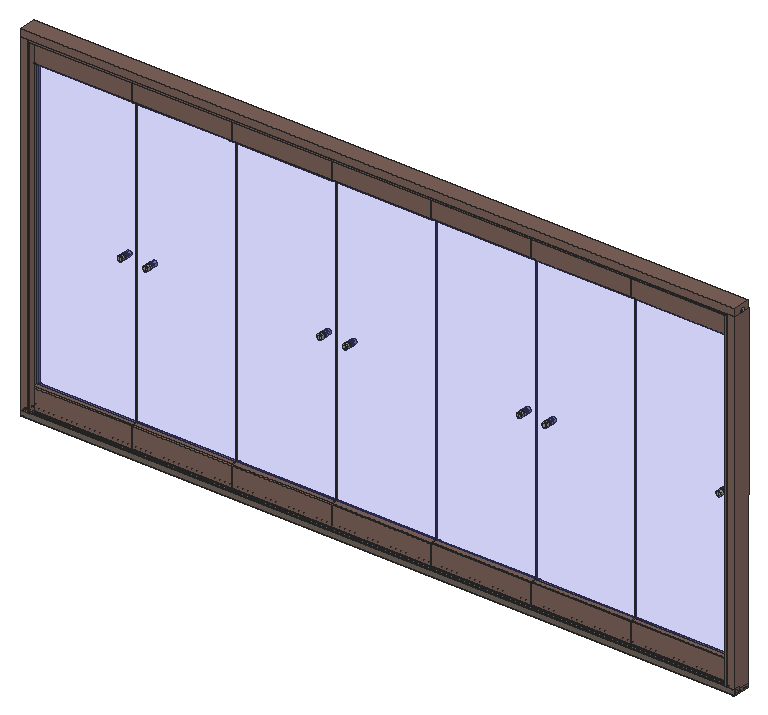
Revit family "FL7L LH", category Doors, host Wall, Revit 2015
Parameters (values of type "FL7L LH")
  Function = Interior
  Frame Projection Ext. = 25 mm
  Frame Projection Int. = 25 mm
  Frame Width = 75 mm
  Height = 2100 mm
  Wall Closure = By host
  Width = 4322 mm
Reference planes
  plane 1: y = 0
  plane 2 "Center (Left/Right)": x = 0
  plane 3 "Left": x = -2161
  plane 4 "Right": x = 2161
  plane 5: z = 2100
  plane 6 "Exterior": y = 75
  plane 7 "Interior": y = -75
  plane 8: x = -2116
  plane 9: x = 2116
  plane 10: x = -2112
  plane 11: x = -1512
  plane 12: x = -1508
  plane 13: x = -908
  plane 14: x = -904
  plane 15: x = -304
  plane 16: x = -300
  plane 17: x = 300
  plane 18: x = 304
  plane 19: x = 904
  plane 20: x = 908
  plane 21: x = 1508
  plane 22: x = 1512
  plane 23: x = 2112
Forms (mm)
  Extrusion 1, solid, material "Aluminium Cill (Bronze)"
    sketch origin (0, 79.18, -119.746) x (0, 1, 0) y (0, 0, 1)
      loop
        line (-26.68, 120.746) -> (-26.68, 135.746)
        arc (-26.68, 135.746) -> (-27.558, 137.867) -> (-29.68, 138.746) r 3
        line (-29.68, 138.746) -> (-40.947, 138.746)
        arc (-40.947, 138.746) -> (-42.68, 137.746) -> (-44.412, 138.746) r 2
        line (-44.412, 138.746) -> (-48.947, 138.746)
        arc (-48.947, 138.746) -> (-50.68, 137.746) -> (-52.412, 138.746) r 2
        line (-52.412, 138.746) -> (-56.947, 138.746)
        arc (-56.947, 138.746) -> (-58.68, 137.746) -> (-60.412, 138.746) r 2
        line (-60.412, 138.746) -> (-67.18, 138.746) -> (-67.18, 135.246)
        arc (-67.18, 135.246) -> (-67.619, 134.185) -> (-68.68, 133.746) r 1.5
        line (-68.68, 133.746) -> (-73.43, 133.746) -> (-73.43, 135.746) -> (-71.996, 135.746)
        arc (-71.996, 135.746) -> (-74.68, 138.746) -> (-77.363, 135.746) r 2.7
        line (-77.363, 135.746) -> (-75.93, 135.746) -> (-75.93, 133.746) -> (-80.68, 133.746)
        arc (-80.68, 133.746) -> (-81.74, 134.185) -> (-82.18, 135.246) r 1.5
        line (-82.18, 135.246) -> (-82.18, 138.746) -> (-90.432, 138.746) -> (-98.68, 138.746) -> (-98.68, 143.746)
        arc (-98.68, 143.746) -> (-99.18, 144.246) -> (-99.68, 143.746) r 0.5
        line (-99.68, 143.746) -> (-99.68, 142.734) -> (-100.88, 142.734) -> (-100.88, 150.246) -> (-99.68, 150.246) -> (-99.68, 149.246)
        arc (-99.68, 149.246) -> (-99.18, 148.746) -> (-98.68, 149.246) r 0.5
        line (-98.68, 149.246) -> (-98.68, 150.746)
        arc (-98.68, 150.746) -> (-98.972, 151.453) -> (-99.68, 151.746) r 1
        line (-99.68, 151.746) -> (-109.447, 151.746)
        arc (-109.447, 151.746) -> (-111.18, 150.746) -> (-112.912, 151.746) r 2
        line (-112.912, 151.746) -> (-117.447, 151.746)
        arc (-117.447, 151.746) -> (-119.18, 150.746) -> (-120.912, 151.746) r 2
        line (-120.912, 151.746) -> (-130.68, 151.746)
        arc (-130.68, 151.746) -> (-131.387, 151.453) -> (-131.68, 150.746) r 1
        line (-131.68, 150.746) -> (-131.68, 120.746)
        arc (-131.68, 120.746) -> (-131.387, 120.039) -> (-130.68, 119.746) r 1
        line (-130.68, 119.746) -> (-27.68, 119.746)
        arc (-27.68, 119.746) -> (-26.972, 120.039) -> (-26.68, 120.746) r 1
      loop
        line (-29.68, 137.246) -> (-40.23, 137.246)
        arc (-40.23, 137.246) -> (-42.68, 136.246) -> (-45.129, 137.246) r 3.5
        line (-45.129, 137.246) -> (-48.23, 137.246)
        arc (-48.23, 137.246) -> (-50.68, 136.246) -> (-53.129, 137.246) r 3.5
        line (-53.129, 137.246) -> (-56.23, 137.246)
        arc (-56.23, 137.246) -> (-58.68, 136.246) -> (-61.129, 137.246) r 3.5
        line (-61.129, 137.246) -> (-65.68, 137.246) -> (-65.68, 135.246)
        arc (-65.68, 135.246) -> (-66.558, 133.125) -> (-68.68, 132.246) r 3
        line (-68.68, 132.246) -> (-73.93, 132.246) -> (-73.93, 121.246) -> (-28.18, 121.246) -> (-28.18, 135.746)
        arc (-28.18, 135.746) -> (-28.619, 136.807) -> (-29.68, 137.246) r 1.5
      loop
        line (-75.43, 132.246) -> (-80.68, 132.246)
        arc (-80.68, 132.246) -> (-82.801, 133.125) -> (-83.68, 135.246) r 3
        line (-83.68, 135.246) -> (-83.68, 137.246) -> (-98.68, 137.246) -> (-98.68, 121.246) -> (-75.43, 121.246) -> (-75.43, 132.246)
      loop
        line (-100.18, 121.246) -> (-100.18, 141.246) -> (-102.38, 141.246) -> (-102.38, 150.246) -> (-108.73, 150.246)
        arc (-108.73, 150.246) -> (-111.18, 149.246) -> (-113.629, 150.246) r 3.5
        line (-113.629, 150.246) -> (-116.73, 150.246)
        arc (-116.73, 150.246) -> (-119.18, 149.246) -> (-121.629, 150.246) r 3.5
        line (-121.629, 150.246) -> (-130.18, 150.246) -> (-130.18, 121.246) -> (-100.18, 121.246)
    from -2161 to 2161
  Extrusion 2, solid, material "Meranti (Frameless)"
    sketch origin (0, 0, 0) x (0, 1, 0) y (0, 0, 1)
      loop
        line (52.5, 2100) -> (-52.5, 2100) -> (-52.5, 2055) -> (-6.5, 2055) -> (-6.5, 2075) -> (15.5, 2075) -> (15.5, 2055) -> (52.5, 2055) -> (52.5, 2100)
    from -2161 to 2161
  Extrusion 3, solid, material "Meranti (Frameless)"
    sketch origin (0, 0, 0) x (1, 0, 0) y (0, 1, 0)
      loop
        line (-2161, 52.5) -> (-2161, -52.5) -> (-2116, -52.5) -> (-2116, 24.5) -> (-2128, 24.5) -> (-2128, 52.5) -> (-2161, 52.5)
      loop
        line (2161, 52.5) -> (2128, 52.5) -> (2128, 24.5) -> (2116, 24.5) -> (2116, -52.5) -> (2161, -52.5) -> (2161, 52.5)
    from 32 to 2055
  Extrusion 4, solid, material "Meranti (Frameless)"
    sketch origin (0, 0, 0) x (1, 0, 0) y (0, 1, 0)
      loop
        line (-2161, 52.5) -> (-2161, -19.5) -> (-2116, -19.5) -> (-2116, 24.5) -> (-2128, 24.5) -> (-2128, 52.5) -> (-2161, 52.5)
      loop
        line (2161, 52.5) -> (2128, 52.5) -> (2128, 24.5) -> (2116, 24.5) -> (2116, -19.5) -> (2161, -19.5) -> (2161, 52.5)
    from 19 to 32
  Extrusion 5, solid, material "Meranti (Frameless)"
    sketch origin (0, 0, 0) x (0, 1, 0) y (0, 0, 1)
      loop
        line (-52.5, 2052) -> (-52.5, 2042) -> (-26.5, 2042) -> (-26.5, 2045.5) -> (-33.5, 2045.5) -> (-33.5, 2048.5) -> (-26.5, 2048.5) -> (-26.5, 2055) -> (-49.5, 2055) -> (-49.5, 2052) -> (-52.5, 2052)
    from -2116 to 2116
  Extrusion 6, solid, material "Meranti (Frameless)"
    sketch origin (0, 0, 0) x (1, 0, 0) y (0, 1, 0)
      loop
        line (-2113, -52.5) -> (-2103, -52.5) -> (-2103, -26.5) -> (-2106.5, -26.5) -> (-2106.5, -33.5) -> (-2109.5, -33.5) -> (-2109.5, -26.5) -> (-2116, -26.5) -> (-2116, -49.5) -> (-2113, -49.5) -> (-2113, -52.5)
      loop
        line (2113, -52.5) -> (2113, -49.5) -> (2116, -49.5) -> (2116, -26.5) -> (2109.5, -26.5) -> (2109.5, -33.5) -> (2106.5, -33.5) -> (2106.5, -26.5) -> (2103, -26.5) -> (2103, -52.5) -> (2113, -52.5)
    from 32 to 2042
  Extrusion 7, solid, material "Steel, Chrome Plated"
    sketch origin (667.231, -1.5, 0) x (0, 1, 0) y (0, 0, 1)
      loop
        line (16.5, 2075) -> (-4.5, 2075) -> (-4.5, 2055) -> (-2.3, 2055) -> (-2.3, 2072.8) -> (14.3, 2072.8) -> (14.3, 2055) -> (16.5, 2055) -> (16.5, 2075)
    from -2828.231 to 1493.769
  Extrusion 8, solid, material "Meranti (Frameless)"
    sketch origin (1202, 0, 0) x (0, 1, 0) y (0, 0, 1)
      loop
        line (24.5, 24) -> (24.5, 112) -> (13, 112) -> (13, 162) -> (-15.5, 162) -> (-20.5, 157) -> (-20.5, 37) -> (-15.5, 37) -> (-15.5, 24) -> (24.5, 24)
      loop
        line (24.5, 2050) -> (-20.5, 2050) -> (-20.5, 1917) -> (-15.5, 1912) -> (13, 1912) -> (13, 1962) -> (24.5, 1962) -> (24.5, 2050)
    from 310 to 910
  Extrusion 9, solid, material "Glass"
    sketch origin (1675.601, -93.1, -804.253) x (1, 0, 0) y (0, 0, 1)
      loop
        line (-163.601, 2766.253) -> (-163.601, 916.253) -> (436.399, 916.253) -> (436.399, 2766.253) -> (-163.601, 2766.253)
    from -116.1 to -106.1
  Extrusion 10, solid, material "Rubber, Black"
    sketch origin (1204.5, 0, 0) x (0, 1, 0) y (0, 0, 1)
      loop
        line (24.5, 112) -> (24.5, 162) -> (23, 162) -> (23, 112) -> (24.5, 112)
      loop
        line (24.5, 1912) -> (24.5, 1962) -> (23, 1962) -> (23, 1912) -> (24.5, 1912)
    from 307.5 to 907.5
  Revolve 11, solid, material "Steel, S 460"
    sketch origin (1662, 0, 0) x (0, 1, 0) y (0, 0, 1)
      loop
        line (24.5, 1941.5) -> (31.5, 1941.5) -> (31.5, 1950) -> (29.5, 1952) -> (24.5, 1952) -> (24.5, 1941.5)
      axis (31.5, 1937) -> (24.5, 1937)
    angle from 0 to 360
  Revolve 12, solid, material "Steel, S 460"
    sketch origin (1962, 0, 0) x (0, 1, 0) y (0, 0, -1)
      loop
        line (24.5, -1941.5) -> (24.5, -1952) -> (29.5, -1952) -> (31.5, -1950) -> (31.5, -1941.5) -> (24.5, -1941.5)
      axis (31.5, -1937) -> (24.5, -1937)
    angle from 0 to 360
  Revolve 13, solid, material "Steel, S 460"
    sketch origin (1662, 0, -1800) x (0, 1, 0) y (0, 0, 1)
      loop
        line (24.5, 1941.5) -> (31.5, 1941.5) -> (31.5, 1950) -> (29.5, 1952) -> (24.5, 1952) -> (24.5, 1941.5)
      axis (31.5, 1937) -> (24.5, 1937)
    angle from 0 to 360
  Revolve 14, solid, material "Steel, S 460"
    sketch origin (1962, 0, -1800) x (0, 1, 0) y (0, 0, -1)
      loop
        line (24.5, -1941.5) -> (24.5, -1952) -> (29.5, -1952) -> (31.5, -1950) -> (31.5, -1941.5) -> (24.5, -1941.5)
      axis (31.5, -1937) -> (24.5, -1937)
    angle from 0 to 360
  Extrusion 15, solid, material "Meranti (Frameless)"
    sketch origin (598, 0, 0) x (0, 1, 0) y (0, 0, 1)
      loop
        line (24.5, 24) -> (24.5, 112) -> (13, 112) -> (13, 162) -> (-15.5, 162) -> (-20.5, 157) -> (-20.5, 37) -> (-15.5, 37) -> (-15.5, 24) -> (24.5, 24)
      loop
        line (24.5, 2050) -> (-20.5, 2050) -> (-20.5, 1917) -> (-15.5, 1912) -> (13, 1912) -> (13, 1962) -> (24.5, 1962) -> (24.5, 2050)
    from 310 to 910
  Extrusion 16, solid, material "Glass"
    sketch origin (1071.601, -93.1, -804.253) x (1, 0, 0) y (0, 0, 1)
      loop
        line (-163.601, 2766.253) -> (-163.601, 916.253) -> (436.399, 916.253) -> (436.399, 2766.253) -> (-163.601, 2766.253)
    from -116.1 to -106.1
  Extrusion 17, solid, material "Rubber, Black"
    sketch origin (600.5, 0, 0) x (0, 1, 0) y (0, 0, 1)
      loop
        line (24.5, 112) -> (24.5, 162) -> (23, 162) -> (23, 112) -> (24.5, 112)
      loop
        line (24.5, 1912) -> (24.5, 1962) -> (23, 1962) -> (23, 1912) -> (24.5, 1912)
    from 307.5 to 907.5
  Revolve 18, solid, material "Steel, S 460"
    sketch origin (1058, 0, 0) x (0, 1, 0) y (0, 0, 1)
      loop
        line (24.5, 1941.5) -> (31.5, 1941.5) -> (31.5, 1950) -> (29.5, 1952) -> (24.5, 1952) -> (24.5, 1941.5)
      axis (31.5, 1937) -> (24.5, 1937)
    angle from 0 to 360
  Revolve 19, solid, material "Steel, S 460"
    sketch origin (1358, 0, 0) x (0, 1, 0) y (0, 0, -1)
      loop
        line (24.5, -1941.5) -> (24.5, -1952) -> (29.5, -1952) -> (31.5, -1950) -> (31.5, -1941.5) -> (24.5, -1941.5)
      axis (31.5, -1937) -> (24.5, -1937)
    angle from 0 to 360
  Revolve 20, solid, material "Steel, S 460"
    sketch origin (1058, 0, -1800) x (0, 1, 0) y (0, 0, 1)
      loop
        line (24.5, 1941.5) -> (31.5, 1941.5) -> (31.5, 1950) -> (29.5, 1952) -> (24.5, 1952) -> (24.5, 1941.5)
      axis (31.5, 1937) -> (24.5, 1937)
    angle from 0 to 360
  Revolve 21, solid, material "Steel, S 460"
    sketch origin (1358, 0, -1800) x (0, 1, 0) y (0, 0, -1)
      loop
        line (24.5, -1941.5) -> (24.5, -1952) -> (29.5, -1952) -> (31.5, -1950) -> (31.5, -1941.5) -> (24.5, -1941.5)
      axis (31.5, -1937) -> (24.5, -1937)
    angle from 0 to 360
  Extrusion 22, solid, material "Meranti (Frameless)"
    sketch origin (-6, 0, 0) x (0, 1, 0) y (0, 0, 1)
      loop
        line (24.5, 24) -> (24.5, 112) -> (13, 112) -> (13, 162) -> (-15.5, 162) -> (-20.5, 157) -> (-20.5, 37) -> (-15.5, 37) -> (-15.5, 24) -> (24.5, 24)
      loop
        line (24.5, 2050) -> (-20.5, 2050) -> (-20.5, 1917) -> (-15.5, 1912) -> (13, 1912) -> (13, 1962) -> (24.5, 1962) -> (24.5, 2050)
    from 310 to 910
  Extrusion 23, solid, material "Glass"
    sketch origin (467.601, -93.1, -804.253) x (1, 0, 0) y (0, 0, 1)
      loop
        line (-163.601, 2766.253) -> (-163.601, 916.253) -> (436.399, 916.253) -> (436.399, 2766.253) -> (-163.601, 2766.253)
    from -116.1 to -106.1
  Extrusion 24, solid, material "Rubber, Black"
    sketch origin (-3.5, 0, 0) x (0, 1, 0) y (0, 0, 1)
      loop
        line (24.5, 112) -> (24.5, 162) -> (23, 162) -> (23, 112) -> (24.5, 112)
      loop
        line (24.5, 1912) -> (24.5, 1962) -> (23, 1962) -> (23, 1912) -> (24.5, 1912)
    from 307.5 to 907.5
  Revolve 25, solid, material "Steel, S 460"
    sketch origin (454, 0, 0) x (0, 1, 0) y (0, 0, 1)
      loop
        line (24.5, 1941.5) -> (31.5, 1941.5) -> (31.5, 1950) -> (29.5, 1952) -> (24.5, 1952) -> (24.5, 1941.5)
      axis (31.5, 1937) -> (24.5, 1937)
    angle from 0 to 360
  Revolve 26, solid, material "Steel, S 460"
    sketch origin (754, 0, 0) x (0, 1, 0) y (0, 0, -1)
      loop
        line (24.5, -1941.5) -> (24.5, -1952) -> (29.5, -1952) -> (31.5, -1950) -> (31.5, -1941.5) -> (24.5, -1941.5)
      axis (31.5, -1937) -> (24.5, -1937)
    angle from 0 to 360
  Revolve 27, solid, material "Steel, S 460"
    sketch origin (454, 0, -1800) x (0, 1, 0) y (0, 0, 1)
      loop
        line (24.5, 1941.5) -> (31.5, 1941.5) -> (31.5, 1950) -> (29.5, 1952) -> (24.5, 1952) -> (24.5, 1941.5)
      axis (31.5, 1937) -> (24.5, 1937)
    angle from 0 to 360
  Revolve 28, solid, material "Steel, S 460"
    sketch origin (754, 0, -1800) x (0, 1, 0) y (0, 0, -1)
      loop
        line (24.5, -1941.5) -> (24.5, -1952) -> (29.5, -1952) -> (31.5, -1950) -> (31.5, -1941.5) -> (24.5, -1941.5)
      axis (31.5, -1937) -> (24.5, -1937)
    angle from 0 to 360
  Extrusion 29, solid, material "Meranti (Frameless)"
    sketch origin (-610, 0, 0) x (0, 1, 0) y (0, 0, 1)
      loop
        line (24.5, 24) -> (24.5, 112) -> (13, 112) -> (13, 162) -> (-15.5, 162) -> (-20.5, 157) -> (-20.5, 37) -> (-15.5, 37) -> (-15.5, 24) -> (24.5, 24)
      loop
        line (24.5, 2050) -> (-20.5, 2050) -> (-20.5, 1917) -> (-15.5, 1912) -> (13, 1912) -> (13, 1962) -> (24.5, 1962) -> (24.5, 2050)
    from 310 to 910
  Extrusion 30, solid, material "Glass"
    sketch origin (-136.399, -93.1, -804.253) x (1, 0, 0) y (0, 0, 1)
      loop
        line (-163.601, 2766.253) -> (-163.601, 916.253) -> (436.399, 916.253) -> (436.399, 2766.253) -> (-163.601, 2766.253)
    from -116.1 to -106.1
  Extrusion 31, solid, material "Rubber, Black"
    sketch origin (-607.5, 0, 0) x (0, 1, 0) y (0, 0, 1)
      loop
        line (24.5, 112) -> (24.5, 162) -> (23, 162) -> (23, 112) -> (24.5, 112)
      loop
        line (24.5, 1912) -> (24.5, 1962) -> (23, 1962) -> (23, 1912) -> (24.5, 1912)
    from 307.5 to 907.5
  Revolve 32, solid, material "Steel, S 460"
    sketch origin (-150, 0, 0) x (0, 1, 0) y (0, 0, 1)
      loop
        line (24.5, 1941.5) -> (31.5, 1941.5) -> (31.5, 1950) -> (29.5, 1952) -> (24.5, 1952) -> (24.5, 1941.5)
      axis (31.5, 1937) -> (24.5, 1937)
    angle from 0 to 360
  Revolve 33, solid, material "Steel, S 460"
    sketch origin (150, 0, 0) x (0, 1, 0) y (0, 0, -1)
      loop
        line (24.5, -1941.5) -> (24.5, -1952) -> (29.5, -1952) -> (31.5, -1950) -> (31.5, -1941.5) -> (24.5, -1941.5)
      axis (31.5, -1937) -> (24.5, -1937)
    angle from 0 to 360
  Revolve 34, solid, material "Steel, S 460"
    sketch origin (-150, 0, -1800) x (0, 1, 0) y (0, 0, 1)
      loop
        line (24.5, 1941.5) -> (31.5, 1941.5) -> (31.5, 1950) -> (29.5, 1952) -> (24.5, 1952) -> (24.5, 1941.5)
      axis (31.5, 1937) -> (24.5, 1937)
    angle from 0 to 360
  Revolve 35, solid, material "Steel, S 460"
    sketch origin (150, 0, -1800) x (0, 1, 0) y (0, 0, -1)
      loop
        line (24.5, -1941.5) -> (24.5, -1952) -> (29.5, -1952) -> (31.5, -1950) -> (31.5, -1941.5) -> (24.5, -1941.5)
      axis (31.5, -1937) -> (24.5, -1937)
    angle from 0 to 360
  Extrusion 36, solid, material "Meranti (Frameless)"
    sketch origin (-1214, 0, 0) x (0, 1, 0) y (0, 0, 1)
      loop
        line (24.5, 24) -> (24.5, 112) -> (13, 112) -> (13, 162) -> (-15.5, 162) -> (-20.5, 157) -> (-20.5, 37) -> (-15.5, 37) -> (-15.5, 24) -> (24.5, 24)
      loop
        line (24.5, 2050) -> (-20.5, 2050) -> (-20.5, 1917) -> (-15.5, 1912) -> (13, 1912) -> (13, 1962) -> (24.5, 1962) -> (24.5, 2050)
    from 310 to 910
  Extrusion 37, solid, material "Glass"
    sketch origin (-740.399, -93.1, -804.253) x (1, 0, 0) y (0, 0, 1)
      loop
        line (-163.601, 2766.253) -> (-163.601, 916.253) -> (436.399, 916.253) -> (436.399, 2766.253) -> (-163.601, 2766.253)
    from -116.1 to -106.1
  Extrusion 38, solid, material "Rubber, Black"
    sketch origin (-1211.5, 0, 0) x (0, 1, 0) y (0, 0, 1)
      loop
        line (24.5, 112) -> (24.5, 162) -> (23, 162) -> (23, 112) -> (24.5, 112)
      loop
        line (24.5, 1912) -> (24.5, 1962) -> (23, 1962) -> (23, 1912) -> (24.5, 1912)
    from 307.5 to 907.5
  Revolve 39, solid, material "Steel, S 460"
    sketch origin (-754, 0, 0) x (0, 1, 0) y (0, 0, 1)
      loop
        line (24.5, 1941.5) -> (31.5, 1941.5) -> (31.5, 1950) -> (29.5, 1952) -> (24.5, 1952) -> (24.5, 1941.5)
      axis (31.5, 1937) -> (24.5, 1937)
    angle from 0 to 360
  Revolve 40, solid, material "Steel, S 460"
    sketch origin (-454, 0, 0) x (0, 1, 0) y (0, 0, -1)
      loop
        line (24.5, -1941.5) -> (24.5, -1952) -> (29.5, -1952) -> (31.5, -1950) -> (31.5, -1941.5) -> (24.5, -1941.5)
      axis (31.5, -1937) -> (24.5, -1937)
    angle from 0 to 360
  Revolve 41, solid, material "Steel, S 460"
    sketch origin (-754, 0, -1800) x (0, 1, 0) y (0, 0, 1)
      loop
        line (24.5, 1941.5) -> (31.5, 1941.5) -> (31.5, 1950) -> (29.5, 1952) -> (24.5, 1952) -> (24.5, 1941.5)
      axis (31.5, 1937) -> (24.5, 1937)
    angle from 0 to 360
  Revolve 42, solid, material "Steel, S 460"
    sketch origin (-454, 0, -1800) x (0, 1, 0) y (0, 0, -1)
      loop
        line (24.5, -1941.5) -> (24.5, -1952) -> (29.5, -1952) -> (31.5, -1950) -> (31.5, -1941.5) -> (24.5, -1941.5)
      axis (31.5, -1937) -> (24.5, -1937)
    angle from 0 to 360
  Extrusion 43, solid, material "Meranti (Frameless)"
    sketch origin (-1818, 0, 0) x (0, 1, 0) y (0, 0, 1)
      loop
        line (24.5, 24) -> (24.5, 112) -> (13, 112) -> (13, 162) -> (-15.5, 162) -> (-20.5, 157) -> (-20.5, 37) -> (-15.5, 37) -> (-15.5, 24) -> (24.5, 24)
      loop
        line (24.5, 2050) -> (-20.5, 2050) -> (-20.5, 1917) -> (-15.5, 1912) -> (13, 1912) -> (13, 1962) -> (24.5, 1962) -> (24.5, 2050)
    from 310 to 910
  Extrusion 44, solid, material "Glass"
    sketch origin (-1344.399, -93.1, -804.253) x (1, 0, 0) y (0, 0, 1)
      loop
        line (-163.601, 2766.253) -> (-163.601, 916.253) -> (436.399, 916.253) -> (436.399, 2766.253) -> (-163.601, 2766.253)
    from -116.1 to -106.1
  Extrusion 45, solid, material "Rubber, Black"
    sketch origin (-1815.5, 0, 0) x (0, 1, 0) y (0, 0, 1)
      loop
        line (24.5, 112) -> (24.5, 162) -> (23, 162) -> (23, 112) -> (24.5, 112)
      loop
        line (24.5, 1912) -> (24.5, 1962) -> (23, 1962) -> (23, 1912) -> (24.5, 1912)
    from 307.5 to 907.5
  Revolve 46, solid, material "Steel, S 460"
    sketch origin (-1358, 0, 0) x (0, 1, 0) y (0, 0, 1)
      loop
        line (24.5, 1941.5) -> (31.5, 1941.5) -> (31.5, 1950) -> (29.5, 1952) -> (24.5, 1952) -> (24.5, 1941.5)
      axis (31.5, 1937) -> (24.5, 1937)
    angle from 0 to 360
  Revolve 47, solid, material "Steel, S 460"
    sketch origin (-1058, 0, 0) x (0, 1, 0) y (0, 0, -1)
      loop
        line (24.5, -1941.5) -> (24.5, -1952) -> (29.5, -1952) -> (31.5, -1950) -> (31.5, -1941.5) -> (24.5, -1941.5)
      axis (31.5, -1937) -> (24.5, -1937)
    angle from 0 to 360
  Revolve 48, solid, material "Steel, S 460"
    sketch origin (-1358, 0, -1800) x (0, 1, 0) y (0, 0, 1)
      loop
        line (24.5, 1941.5) -> (31.5, 1941.5) -> (31.5, 1950) -> (29.5, 1952) -> (24.5, 1952) -> (24.5, 1941.5)
      axis (31.5, 1937) -> (24.5, 1937)
    angle from 0 to 360
  Revolve 49, solid, material "Steel, S 460"
    sketch origin (-1058, 0, -1800) x (0, 1, 0) y (0, 0, -1)
      loop
        line (24.5, -1941.5) -> (24.5, -1952) -> (29.5, -1952) -> (31.5, -1950) -> (31.5, -1941.5) -> (24.5, -1941.5)
      axis (31.5, -1937) -> (24.5, -1937)
    angle from 0 to 360
  Extrusion 50, solid, material "Meranti (Frameless)"
    sketch origin (-2422, 0, 0) x (0, 1, 0) y (0, 0, 1)
      loop
        line (24.5, 24) -> (24.5, 112) -> (13, 112) -> (13, 162) -> (-15.5, 162) -> (-20.5, 157) -> (-20.5, 37) -> (-15.5, 37) -> (-15.5, 24) -> (24.5, 24)
      loop
        line (24.5, 2050) -> (-20.5, 2050) -> (-20.5, 1917) -> (-15.5, 1912) -> (13, 1912) -> (13, 1962) -> (24.5, 1962) -> (24.5, 2050)
    from 310 to 910
  Extrusion 51, solid, material "Glass"
    sketch origin (-1948.399, -93.1, -804.253) x (1, 0, 0) y (0, 0, 1)
      loop
        line (-163.601, 2766.253) -> (-163.601, 916.253) -> (436.399, 916.253) -> (436.399, 2766.253) -> (-163.601, 2766.253)
    from -116.1 to -106.1
  Extrusion 52, solid, material "Rubber, Black"
    sketch origin (-2419.5, 0, 0) x (0, 1, 0) y (0, 0, 1)
      loop
        line (24.5, 112) -> (24.5, 162) -> (23, 162) -> (23, 112) -> (24.5, 112)
      loop
        line (24.5, 1912) -> (24.5, 1962) -> (23, 1962) -> (23, 1912) -> (24.5, 1912)
    from 307.5 to 907.5
  Revolve 53, solid, material "Steel, S 460"
    sketch origin (-1962, 0, 0) x (0, 1, 0) y (0, 0, 1)
      loop
        line (24.5, 1941.5) -> (31.5, 1941.5) -> (31.5, 1950) -> (29.5, 1952) -> (24.5, 1952) -> (24.5, 1941.5)
      axis (31.5, 1937) -> (24.5, 1937)
    angle from 0 to 360
  Revolve 54, solid, material "Steel, S 460"
    sketch origin (-1662, 0, 0) x (0, 1, 0) y (0, 0, -1)
      loop
        line (24.5, -1941.5) -> (24.5, -1952) -> (29.5, -1952) -> (31.5, -1950) -> (31.5, -1941.5) -> (24.5, -1941.5)
      axis (31.5, -1937) -> (24.5, -1937)
    angle from 0 to 360
  Revolve 55, solid, material "Steel, S 460"
    sketch origin (-1962, 0, -1800) x (0, 1, 0) y (0, 0, 1)
      loop
        line (24.5, 1941.5) -> (31.5, 1941.5) -> (31.5, 1950) -> (29.5, 1952) -> (24.5, 1952) -> (24.5, 1941.5)
      axis (31.5, 1937) -> (24.5, 1937)
    angle from 0 to 360
  Revolve 56, solid, material "Steel, S 460"
    sketch origin (-1662, 0, -1800) x (0, 1, 0) y (0, 0, -1)
      loop
        line (24.5, -1941.5) -> (24.5, -1952) -> (29.5, -1952) -> (31.5, -1950) -> (31.5, -1941.5) -> (24.5, -1941.5)
      axis (31.5, -1937) -> (24.5, -1937)
    angle from 0 to 360
  Revolve 57, solid, material "Steel, Chrome Plated"
    sketch origin (-1587, -128.249, 10.323) x (0, 1, 0) y (0, 0, -1)
      loop
        line (151.249, -1026.677) -> (151.249, -1041.677) -> (154.249, -1041.677) -> (159.249, -1036.677) -> (164.249, -1041.677) -> (180.249, -1041.677) -> (181.249, -1040.677) -> (181.249, -1026.677) -> (151.249, -1026.677)
      axis (181.249, -1026.677) -> (151.249, -1026.677)
    angle from 0 to 360
  Revolve 58, solid, material "Steel, Chrome Plated"
    sketch origin (-1587, 164.249, 10.323) x (0, -1, 0) y (0, 0, 1)
      loop
        line (151.249, 1026.677) -> (181.249, 1026.677) -> (181.249, 1040.677) -> (180.249, 1041.677) -> (164.249, 1041.677) -> (159.249, 1036.677) -> (154.249, 1041.677) -> (151.249, 1041.677) -> (151.249, 1026.677)
      axis (181.249, 1026.677) -> (151.249, 1026.677)
    angle from 0 to 360
  Revolve 59, solid, material "Steel, Chrome Plated"
    sketch origin (-379, -128.249, 10.323) x (0, 1, 0) y (0, 0, -1)
      loop
        line (151.249, -1026.677) -> (151.249, -1041.677) -> (154.249, -1041.677) -> (159.249, -1036.677) -> (164.249, -1041.677) -> (180.249, -1041.677) -> (181.249, -1040.677) -> (181.249, -1026.677) -> (151.249, -1026.677)
      axis (181.249, -1026.677) -> (151.249, -1026.677)
    angle from 0 to 360
  Revolve 60, solid, material "Steel, Chrome Plated"
    sketch origin (-379, 164.249, 10.323) x (0, -1, 0) y (0, 0, 1)
      loop
        line (151.249, 1026.677) -> (181.249, 1026.677) -> (181.249, 1040.677) -> (180.249, 1041.677) -> (164.249, 1041.677) -> (159.249, 1036.677) -> (154.249, 1041.677) -> (151.249, 1041.677) -> (151.249, 1026.677)
      axis (181.249, 1026.677) -> (151.249, 1026.677)
    angle from 0 to 360
  Revolve 61, solid, material "Steel, Chrome Plated"
    sketch origin (829, -128.249, 10.323) x (0, 1, 0) y (0, 0, -1)
      loop
        line (151.249, -1026.677) -> (151.249, -1041.677) -> (154.249, -1041.677) -> (159.249, -1036.677) -> (164.249, -1041.677) -> (180.249, -1041.677) -> (181.249, -1040.677) -> (181.249, -1026.677) -> (151.249, -1026.677)
      axis (181.249, -1026.677) -> (151.249, -1026.677)
    angle from 0 to 360
  Revolve 62, solid, material "Steel, Chrome Plated"
    sketch origin (829, 164.249, 10.323) x (0, -1, 0) y (0, 0, 1)
      loop
        line (151.249, 1026.677) -> (181.249, 1026.677) -> (181.249, 1040.677) -> (180.249, 1041.677) -> (164.249, 1041.677) -> (159.249, 1036.677) -> (154.249, 1041.677) -> (151.249, 1041.677) -> (151.249, 1026.677)
      axis (181.249, 1026.677) -> (151.249, 1026.677)
    angle from 0 to 360
  Revolve 63, solid, material "Steel, Chrome Plated"
    sketch origin (2037, -128.249, 10.323) x (0, 1, 0) y (0, 0, -1)
      loop
        line (151.249, -1026.677) -> (151.249, -1041.677) -> (154.249, -1041.677) -> (159.249, -1036.677) -> (164.249, -1041.677) -> (180.249, -1041.677) -> (181.249, -1040.677) -> (181.249, -1026.677) -> (151.249, -1026.677)
      axis (181.249, -1026.677) -> (151.249, -1026.677)
    angle from 0 to 360
  Revolve 64, solid, material "Steel, Chrome Plated"
    sketch origin (2037, 164.249, 10.323) x (0, -1, 0) y (0, 0, 1)
      loop
        line (151.249, 1026.677) -> (181.249, 1026.677) -> (181.249, 1040.677) -> (180.249, 1041.677) -> (164.249, 1041.677) -> (159.249, 1036.677) -> (154.249, 1041.677) -> (151.249, 1041.677) -> (151.249, 1026.677)
      axis (181.249, 1026.677) -> (151.249, 1026.677)
    angle from 0 to 360
  Revolve 65, solid, material "Steel, Chrome Plated"
    sketch origin (-1433, -128.249, 10.323) x (0, 1, 0) y (0, 0, 1)
      loop
        line (151.249, 1026.677) -> (181.249, 1026.677) -> (181.249, 1040.677) -> (180.249, 1041.677) -> (164.249, 1041.677) -> (159.249, 1036.677) -> (154.249, 1041.677) -> (151.249, 1041.677) -> (151.249, 1026.677)
      axis (181.249, 1026.677) -> (151.249, 1026.677)
    angle from 0 to 360
  Revolve 66, solid, material "Steel, Chrome Plated"
    sketch origin (-225, -128.249, 10.323) x (0, 1, 0) y (0, 0, 1)
      loop
        line (151.249, 1026.677) -> (181.249, 1026.677) -> (181.249, 1040.677) -> (180.249, 1041.677) -> (164.249, 1041.677) -> (159.249, 1036.677) -> (154.249, 1041.677) -> (151.249, 1041.677) -> (151.249, 1026.677)
      axis (181.249, 1026.677) -> (151.249, 1026.677)
    angle from 0 to 360
  Revolve 67, solid, material "Steel, Chrome Plated"
    sketch origin (983, -128.249, 10.323) x (0, 1, 0) y (0, 0, 1)
      loop
        line (151.249, 1026.677) -> (181.249, 1026.677) -> (181.249, 1040.677) -> (180.249, 1041.677) -> (164.249, 1041.677) -> (159.249, 1036.677) -> (154.249, 1041.677) -> (151.249, 1041.677) -> (151.249, 1026.677)
      axis (181.249, 1026.677) -> (151.249, 1026.677)
    angle from 0 to 360
  Revolve 68, solid, material "Steel, Chrome Plated"
    sketch origin (-1433, 164.249, 10.323) x (0, -1, 0) y (0, 0, -1)
      loop
        line (151.249, -1026.677) -> (151.249, -1041.677) -> (154.249, -1041.677) -> (159.249, -1036.677) -> (164.249, -1041.677) -> (180.249, -1041.677) -> (181.249, -1040.677) -> (181.249, -1026.677) -> (151.249, -1026.677)
      axis (181.249, -1026.677) -> (151.249, -1026.677)
    angle from 0 to 360
  Revolve 69, solid, material "Steel, Chrome Plated"
    sketch origin (-225, 164.249, 10.323) x (0, -1, 0) y (0, 0, -1)
      loop
        line (151.249, -1026.677) -> (151.249, -1041.677) -> (154.249, -1041.677) -> (159.249, -1036.677) -> (164.249, -1041.677) -> (180.249, -1041.677) -> (181.249, -1040.677) -> (181.249, -1026.677) -> (151.249, -1026.677)
      axis (181.249, -1026.677) -> (151.249, -1026.677)
    angle from 0 to 360
  Revolve 70, solid, material "Steel, Chrome Plated"
    sketch origin (983, 164.249, 10.323) x (0, -1, 0) y (0, 0, -1)
      loop
        line (151.249, -1026.677) -> (151.249, -1041.677) -> (154.249, -1041.677) -> (159.249, -1036.677) -> (164.249, -1041.677) -> (180.249, -1041.677) -> (181.249, -1040.677) -> (181.249, -1026.677) -> (151.249, -1026.677)
      axis (181.249, -1026.677) -> (151.249, -1026.677)
    angle from 0 to 360
Cuts and joins
  joined: Extrusion 3, Extrusion 4
Lines and regions (mm)
  Opening 1
    outline origin (-3050, -75, 0) x (1, 0, 0) y (0, 0, 1)
      loop
        line (889, 0) -> (5211, 0) -> (5211, 2100) -> (889, 2100) -> (889, 0)
  model lines
    curve 1: line (-1640.302, 75, 1050) -> (-1815.302, 75, 1050)
    curve 2: line (-1954.379, 75, 1050) -> (-1815.302, 75, 1106.191)
    curve 3: line (-1815.302, 75, 1106.191) -> (-1815.302, 75, 993.809)
    curve 4: line (-1954.379, 75, 1050) -> (-1815.302, 75, 993.809)
    curve 5: line (-1036.302, 75, 1050) -> (-1211.302, 75, 1050)
    curve 6: line (-1350.379, 75, 1050) -> (-1211.302, 75, 1106.191)
    curve 7: line (-1211.302, 75, 1106.191) -> (-1211.302, 75, 993.809)
    curve 8: line (-1350.379, 75, 1050) -> (-1211.302, 75, 993.809)
    curve 9: line (-432.302, 75, 1050) -> (-607.302, 75, 1050)
    curve 10: line (-746.379, 75, 1050) -> (-607.302, 75, 1106.191)
    curve 11: line (-607.302, 75, 1106.191) -> (-607.302, 75, 993.809)
    curve 12: line (-746.379, 75, 1050) -> (-607.302, 75, 993.809)
    curve 13: line (171.698, 75, 1050) -> (-3.302, 75, 1050)
    curve 14: line (-142.379, 75, 1050) -> (-3.302, 75, 1106.191)
    curve 15: line (-3.302, 75, 1106.191) -> (-3.302, 75, 993.809)
    curve 16: line (-142.379, 75, 1050) -> (-3.302, 75, 993.809)
    curve 17: line (775.698, 75, 1050) -> (600.698, 75, 1050)
    curve 18: line (461.621, 75, 1050) -> (600.698, 75, 1106.191)
    curve 19: line (600.698, 75, 1106.191) -> (600.698, 75, 993.809)
    curve 20: line (461.621, 75, 1050) -> (600.698, 75, 993.809)
    curve 21: line (1379.698, 75, 1050) -> (1204.698, 75, 1050)
    curve 22: line (1065.621, 75, 1050) -> (1204.698, 75, 1106.191)
    curve 23: line (1204.698, 75, 1106.191) -> (1204.698, 75, 993.809)
    curve 24: line (1065.621, 75, 1050) -> (1204.698, 75, 993.809)
    curve 25: line (1983.698, 75, 1050) -> (1808.698, 75, 1050)
    curve 26: line (1669.621, 75, 1050) -> (1808.698, 75, 1106.191)
    curve 27: line (1808.698, 75, 1106.191) -> (1808.698, 75, 993.809)
    curve 28: line (1669.621, 75, 1050) -> (1808.698, 75, 993.809)
    curve 29: line (-2112, 24.5, 0) -> (-1906.788, 588.316, 0)
    curve 30: line (-1906.788, 588.316, 0) -> (-1864.502, 572.925, 0)
    curve 31: line (-1864.502, 572.925, 0) -> (-2069.714, 9.109, 0)
    curve 32: line (-1616.782, 23.892, 0) -> (-1822.216, 588.316, 0)
    curve 33: line (-1822.216, 588.316, 0) -> (-1864.502, 572.925, 0)
    curve 34: line (-1864.502, 572.925, 0) -> (-1659.29, 9.109, 0)
    curve 35: line (-1616.782, 23.892, 0) -> (-1411.349, 588.316, 0)
    curve 36: line (-1411.349, 588.316, 0) -> (-1369.063, 572.925, 0)
    curve 37: line (-1369.063, 572.925, 0) -> (-1574.275, 9.109, 0)
    curve 38: line (-626.126, 24.5, 0) -> (-831.338, 588.316, 0)
    curve 39: line (-831.338, 588.316, 0) -> (-873.624, 572.925, 0)
    curve 40: line (-873.624, 572.925, 0) -> (-668.412, 9.109, 0)
    curve 41: line (-1121.343, 23.892, 0) -> (-915.91, 588.316, 0)
    curve 42: line (-915.91, 588.316, 0) -> (-873.624, 572.925, 0)
    curve 43: line (-873.624, 572.925, 0) -> (-1078.836, 9.109, 0)
    curve 44: line (-1121.343, 23.892, 0) -> (-1326.777, 588.316, 0)
    curve 45: line (-1326.777, 588.316, 0) -> (-1369.063, 572.925, 0)
    curve 46: line (-1369.063, 572.925, 0) -> (-1163.851, 9.109, 0)
    curve 47: line (-626.126, 24.5, 0) -> (-420.913, 588.316, 0)
    curve 48: line (-420.913, 588.316, 0) -> (-378.627, 572.925, 0)
    curve 49: line (-378.627, 572.925, 0) -> (-583.839, 9.109, 0)
Text (mm)
  text "Exterior" at (-2295.016, 1099.543, 0), in view "Ref. Level"
  text "Exterior" at (0, 1615.38, 3698.081), in view "Left"
  text "Exterior" at (0, 1036.032, 3874.932), in view "Right"
Dimensions and locks
  equal spacing: plane 3 "Left", plane 2 "Center (Left/Right)", plane 4 "Right"
  "Width": plane 3 "Left" to plane 4 "Right"
  "Height": plane 5 to host wall
  host wall to plane 5 = 2100 mm  (x2)
  locked: plane 6 "Exterior" to host wall at 0
  locked: plane 7 "Interior" to host wall
  plane 3 "Left" to plane 4 "Right" = 4322 mm
  aligned and locked: plane 3 "Left" to Opening 1 sketch curve
  aligned and locked: plane 5 to Opening 1 sketch curve  (x2)
  aligned and locked: Opening 1 sketch curve to plane 4 "Right"
  aligned and locked: Opening 1 sketch curve to level
  aligned and locked: host wall to plane 1
  aligned and locked: Extrusion 1 to host wall  (x2)
  aligned and locked: Extrusion 2 to host wall  (x2)
  aligned and locked: Extrusion 4 to Extrusion 1  (x2)
  aligned and locked: Extrusion 3 to Extrusion 1
  aligned and locked: Extrusion 3 to Extrusion 2
  aligned and locked: Extrusion 6 to Extrusion 1
  aligned and locked: Extrusion 6 to Extrusion 5
  aligned and locked: Extrusion 8 to Extrusion 10  (x2)
  aligned and locked: Extrusion 15 to Extrusion 17  (x2)
  aligned and locked: Extrusion 22 to Extrusion 24  (x2)
  aligned and locked: Extrusion 29 to Extrusion 31  (x2)
  aligned and locked: Extrusion 36 to Extrusion 38  (x2)
  aligned and locked: Extrusion 43 to Extrusion 45  (x2)
  aligned and locked: Extrusion 50 to Extrusion 52  (x2)
Automatic sketch dimensions
  Extrusion 1 sketch curve to level = 0 mm
  level to Extrusion 1 sketch curve = 1 mm
  Extrusion 1 sketch curve to host wall = 22.5 mm
  Extrusion 1 sketch curve to Extrusion 1 sketch curve = 1 mm  (x7)
  Extrusion 1 sketch curve to Extrusion 1 sketch curve = 0.5 mm  (x8)
  Extrusion 1 sketch curve to Extrusion 1 sketch curve = 8.551 mm
  Extrusion 1 sketch curve to Extrusion 1 sketch curve = 0.717 mm  (x10)
  Extrusion 1 sketch curve to Extrusion 1 sketch curve = 1.732 mm  (x10)
  Extrusion 1 sketch curve to Extrusion 1 sketch curve = 0 mm  (x26)
  Extrusion 1 sketch curve to Extrusion 1 sketch curve = 3.101 mm  (x3)
  Extrusion 1 sketch curve to Extrusion 1 sketch curve = 6.351 mm
  Extrusion 1 sketch curve to Extrusion 1 sketch curve = 1.5 mm  (x15)
  Extrusion 1 sketch curve to Extrusion 1 sketch curve = 0.7 mm
  level to Extrusion 1 sketch curve = 1.5 mm  (x3)
  Extrusion 1 sketch curve to Extrusion 1 sketch curve = 1.2 mm  (x2)
  Extrusion 1 sketch curve to Extrusion 1 sketch curve = 8.248 mm
  host wall to Extrusion 1 sketch curve = 4.5 mm
  host wall to Extrusion 1 sketch curve = 1.5 mm  (x2)
  Extrusion 1 sketch curve to host wall = 1.817 mm
  Extrusion 1 sketch curve to Extrusion 1 sketch curve = 1.433 mm  (x3)
  Extrusion 1 sketch curve to host wall = 3.75 mm
  Extrusion 1 sketch curve to Extrusion 1 sketch curve = 1.25 mm  (x2)
  Extrusion 1 sketch curve to Extrusion 1 sketch curve = 3.317 mm
  Extrusion 1 sketch curve to Extrusion 1 sketch curve = 4.551 mm
  Extrusion 1 sketch curve to Extrusion 1 sketch curve = 10.551 mm
  Extrusion 1 sketch curve to Extrusion 1 sketch curve = 11 mm
  Extrusion 1 sketch curve to Extrusion 1 sketch curve = 14.5 mm
  Extrusion 1 sketch curve to Extrusion 1 sketch curve = 2 mm  (x4)
  Extrusion 1 sketch curve to Extrusion 1 sketch curve = 0.3 mm
  Extrusion 1 sketch curve to Extrusion 1 sketch curve = 2.5 mm
  Extrusion 1 sketch curve to Extrusion 1 sketch curve = 1.488 mm
  Extrusion 1 sketch curve to Extrusion 1 sketch curve = 1.012 mm
  Extrusion 1 sketch curve to Extrusion 1 sketch curve = 5.5 mm
  plane 5 to Extrusion 2 sketch curve = 0 mm
  Extrusion 2 sketch curve to host wall = 22.5 mm  (x2)
  host wall to Extrusion 2 sketch curve = 6.5 mm
  Extrusion 2 sketch curve to host wall = 15.5 mm
  plane 5 to Extrusion 2 sketch curve = 25 mm
  Extrusion 2 sketch curve to Extrusion 2 sketch curve = 20 mm  (x2)
  Extrusion 3 sketch curve to plane 3 "Left" = 0 mm
  Extrusion 3 sketch curve to plane 8 = 0 mm
  Extrusion 3 sketch curve to plane 9 = 0 mm
  Extrusion 3 sketch curve to plane 4 "Right" = 0 mm
  Extrusion 3 sketch curve to Extrusion 3 sketch curve = 12 mm  (x2)
  Extrusion 3 sketch curve to host wall = 22.5 mm  (x4)
  Extrusion 3 sketch curve to host wall = 24.5 mm  (x2)
  Extrusion 4 sketch curve to plane 3 "Left" = 0 mm
  Extrusion 4 sketch curve to plane 8 = 0 mm
  Extrusion 4 sketch curve to plane 9 = 0 mm
  Extrusion 4 sketch curve to plane 4 "Right" = 0 mm
  Extrusion 4 sketch curve to plane 8 = 12 mm
  Extrusion 4 sketch curve to Extrusion 4 sketch curve = 12 mm
  host wall to Extrusion 4 sketch curve = 19.5 mm  (x2)
  Extrusion 4 sketch curve to host wall = 24.5 mm  (x2)
  Extrusion 4 sketch curve to host wall = 22.5 mm  (x2)
  Extrusion 5 sketch curve to host wall = 22.5 mm
  Extrusion 5 sketch curve to Extrusion 5 sketch curve = 3 mm  (x3)
  Extrusion 5 sketch curve to Extrusion 5 sketch curve = 16 mm
  Extrusion 5 sketch curve to Extrusion 5 sketch curve = 7 mm
  Extrusion 5 sketch curve to Extrusion 5 sketch curve = 0 mm
  plane 5 to Extrusion 5 sketch curve = 58 mm
  Extrusion 5 sketch curve to Extrusion 5 sketch curve = 3.5 mm
  Extrusion 5 sketch curve to Extrusion 5 sketch curve = 10 mm
  Extrusion 6 sketch curve to plane 8 = 0 mm
  Extrusion 6 sketch curve to plane 9 = 0 mm
  Extrusion 6 sketch curve to plane 10 = 1 mm
  plane 10 to Extrusion 6 sketch curve = 2.5 mm
  Extrusion 6 sketch curve to Extrusion 6 sketch curve = 3 mm  (x3)
  plane 10 to Extrusion 6 sketch curve = 9 mm
  Extrusion 6 sketch curve to plane 23 = 9 mm
  Extrusion 6 sketch curve to plane 23 = 5.5 mm
  Extrusion 6 sketch curve to plane 23 = 2.5 mm
  plane 23 to Extrusion 6 sketch curve = 1 mm
  Extrusion 6 sketch curve to host wall = 22.5 mm  (x2)
  Extrusion 6 sketch curve to Extrusion 6 sketch curve = 16 mm  (x2)
  Extrusion 6 sketch curve to Extrusion 6 sketch curve = 7 mm  (x2)
  Extrusion 6 sketch curve to Extrusion 6 sketch curve = 0 mm  (x2)
  curve 29 to plane 10 = 0 mm
  plane 10 to curve 30 = 205.212 mm
  curve 29 to curve 31 = 42.286 mm
  curve 30 to curve 32 = 42.286 mm
  curve 35 to host wall = 23.892 mm
  curve 35 to plane 11 = 104.782 mm
  plane 12 to curve 35 = 96.651 mm
  curve 35 to curve 37 = 42.286 mm
  curve 36 to curve 45 = 42.286 mm
  curve 41 to host wall = 23.892 mm
  curve 41 to plane 13 = 213.343 mm
  curve 41 to plane 13 = 7.91 mm
  plane 14 to curve 43 = 30.376 mm
  curve 39 to curve 39 = 42.286 mm
  curve 47 to host wall = 24.5 mm
  plane 14 to curve 47 = 277.874 mm
  curve 47 to plane 15 = 116.913 mm
  curve 47 to curve 49 = 42.286 mm
  host wall to curve 43 = 497.925 mm
  curve 36 to curve 41 = 15.391 mm
  curve 49 to curve 38 = 15.391 mm
  curve 34 to curve 35 = 15.391 mm
  curve 30 to curve 30 = 15.391 mm
  curve 31 to host wall = 9.109 mm
  plane 10 to curve 31 = 42.286 mm
  curve 34 to host wall = 9.109 mm
  curve 34 to curve 32 = 42.507 mm
  curve 37 to host wall = 9.109 mm
  curve 46 to host wall = 9.109 mm
  curve 43 to host wall = 9.109 mm
  curve 40 to host wall = 9.109 mm
  curve 49 to host wall = 9.109 mm
  host wall to Extrusion 7 sketch curve = 6 mm
  Extrusion 7 sketch curve to Extrusion 7 sketch curve = 2.2 mm  (x3)
  Extrusion 7 sketch curve to host wall = 12.8 mm
  plane 5 to Extrusion 7 sketch curve = 45 mm
  Extrusion 7 sketch curve to Extrusion 7 sketch curve = 0 mm
  Extrusion 7 sketch curve to Extrusion 7 sketch curve = 17.8 mm
  plane 10 to curve 2 = 157.621 mm
  curve 2 to curve 2 = 139.078 mm
  plane 12 to curve 6 = 157.621 mm
  curve 6 to curve 6 = 139.078 mm
  plane 14 to curve 10 = 157.621 mm
  curve 10 to curve 10 = 139.078 mm
  curve 14 to plane 2 "Center (Left/Right)" = 142.379 mm
  curve 14 to plane 2 "Center (Left/Right)" = 3.302 mm
  plane 18 to curve 18 = 157.621 mm
  curve 18 to curve 18 = 139.078 mm
  plane 20 to curve 22 = 157.621 mm
  curve 22 to curve 22 = 139.078 mm
  plane 22 to curve 26 = 157.621 mm
  curve 26 to curve 26 = 139.078 mm
  level to curve 28 = 993.809 mm
  level to curve 19 = 993.809 mm
  curve 23 to curve 19 = 0 mm
  curve 16 to curve 19 = 0 mm
  level to curve 3 = 993.809 mm
  curve 12 to curve 15 = 0 mm
  curve 8 to curve 3 = 0 mm
  curve 7 to curve 8 = 56.191 mm
  curve 27 to curve 26 = 56.191 mm
  curve 11 to curve 10 = 56.191 mm
  curve 15 to curve 14 = 56.191 mm
  curve 23 to curve 24 = 56.191 mm
  curve 3 to curve 4 = 56.191 mm
  curve 19 to curve 18 = 56.191 mm
  curve 19 to curve 19 = 112.382 mm
  curve 23 to curve 22 = 112.382 mm
  curve 15 to curve 14 = 112.382 mm
  curve 11 to curve 11 = 112.382 mm
  curve 7 to curve 7 = 112.382 mm
  curve 27 to curve 26 = 112.382 mm
  curve 3 to curve 3 = 112.382 mm
  curve 1 to plane 11 = 128.302 mm
  curve 5 to plane 13 = 128.302 mm
  curve 9 to plane 15 = 128.302 mm
  curve 13 to plane 17 = 128.302 mm
  curve 17 to plane 19 = 128.302 mm
  curve 21 to plane 21 = 128.302 mm
  curve 25 to plane 23 = 128.302 mm
  curve 9 to curve 10 = 56.191 mm
  curve 25 to curve 26 = 56.191 mm
  curve 5 to curve 6 = 56.191 mm
  curve 13 to curve 14 = 56.191 mm
  curve 1 to curve 2 = 56.191 mm
  curve 17 to curve 18 = 56.191 mm
  curve 21 to curve 22 = 56.191 mm
  host wall to Extrusion 8 sketch curve = 20.5 mm  (x2)
  Extrusion 8 sketch curve to Extrusion 8 sketch curve = 5 mm  (x5)
  Extrusion 8 sketch curve to host wall = 13 mm  (x2)
  Extrusion 8 sketch curve to host wall = 24.5 mm
  Extrusion 8 sketch curve to Extrusion 8 sketch curve = 11.5 mm
  level to Extrusion 8 sketch curve = 24 mm
  Extrusion 8 sketch curve to Extrusion 8 sketch curve = 13 mm
  Extrusion 8 sketch curve to Extrusion 8 sketch curve = 75 mm
  Extrusion 8 sketch curve to Extrusion 8 sketch curve = 45 mm
  plane 5 to Extrusion 8 sketch curve = 188 mm
  Extrusion 8 sketch curve to Extrusion 8 sketch curve = 50 mm
  plane 5 to Extrusion 8 sketch curve = 50 mm
  Extrusion 9 sketch curve to plane 22 = 0 mm
  Extrusion 9 sketch curve to plane 23 = 0 mm
  level to Extrusion 9 sketch curve = 112 mm
  plane 5 to Extrusion 9 sketch curve = 138 mm
  Extrusion 10 sketch curve to host wall = 23 mm  (x2)
  Extrusion 10 sketch curve to Extrusion 10 sketch curve = 1.5 mm  (x2)
  level to Extrusion 10 sketch curve = 112 mm
  Extrusion 10 sketch curve to Extrusion 10 sketch curve = 50 mm  (x2)
  plane 5 to Extrusion 10 sketch curve = 188 mm
  Revolve 11 sketch curve to host wall = 24.5 mm
  Revolve 11 sketch curve to Revolve 11 sketch curve = 5 mm
  Revolve 11 sketch curve to Revolve 11 sketch curve = 2 mm  (x2)
  plane 5 to Revolve 11 sketch curve = 158.5 mm
  Revolve 11 sketch curve to Revolve 11 sketch curve = 8.5 mm
  Revolve 11 sketch curve to Revolve 11 sketch curve = 6.469 mm
  Revolve 11 sketch curve to Revolve 11 sketch curve = 5.515 mm
  Revolve 11 sketch curve to Revolve 11 sketch curve = 4.5 mm
  Revolve 12 sketch curve to host wall = 24.5 mm
  Revolve 12 sketch curve to Revolve 12 sketch curve = 5 mm
  Revolve 12 sketch curve to Revolve 12 sketch curve = 2 mm  (x2)
  plane 5 to Revolve 12 sketch curve = 148 mm
  Revolve 12 sketch curve to Revolve 12 sketch curve = 8.5 mm
  Revolve 12 sketch curve to Revolve 12 sketch curve = 6.469 mm
  Revolve 12 sketch curve to Revolve 12 sketch curve = 5.515 mm
  Revolve 12 sketch curve to Revolve 12 sketch curve = 4.5 mm
  Revolve 13 sketch curve to host wall = 24.5 mm
  Revolve 13 sketch curve to Revolve 13 sketch curve = 5 mm
  Revolve 13 sketch curve to Revolve 13 sketch curve = 2 mm  (x2)
  level to Revolve 13 sketch curve = 141.5 mm
  Revolve 13 sketch curve to Revolve 13 sketch curve = 8.5 mm
  Revolve 13 sketch curve to Revolve 13 sketch curve = 6.469 mm
  Revolve 13 sketch curve to Revolve 13 sketch curve = 5.515 mm
  Revolve 13 sketch curve to Revolve 13 sketch curve = 4.5 mm
  Revolve 14 sketch curve to host wall = 24.5 mm
  Revolve 14 sketch curve to Revolve 14 sketch curve = 5 mm
  Revolve 14 sketch curve to Revolve 14 sketch curve = 2 mm  (x2)
  level to Revolve 14 sketch curve = 152 mm
  Revolve 14 sketch curve to Revolve 14 sketch curve = 8.5 mm
  Revolve 14 sketch curve to Revolve 14 sketch curve = 6.469 mm
  Revolve 14 sketch curve to Revolve 14 sketch curve = 5.515 mm
  Revolve 14 sketch curve to Revolve 14 sketch curve = 4.5 mm
  host wall to Extrusion 15 sketch curve = 20.5 mm  (x2)
  Extrusion 15 sketch curve to Extrusion 15 sketch curve = 5 mm  (x5)
  Extrusion 15 sketch curve to host wall = 13 mm  (x2)
  Extrusion 15 sketch curve to host wall = 24.5 mm
  Extrusion 15 sketch curve to Extrusion 15 sketch curve = 11.5 mm
  level to Extrusion 15 sketch curve = 24 mm
  Extrusion 15 sketch curve to Extrusion 15 sketch curve = 13 mm
  Extrusion 15 sketch curve to Extrusion 15 sketch curve = 75 mm
  Extrusion 15 sketch curve to Extrusion 15 sketch curve = 45 mm
  plane 5 to Extrusion 15 sketch curve = 188 mm
  Extrusion 15 sketch curve to Extrusion 15 sketch curve = 50 mm
  plane 5 to Extrusion 15 sketch curve = 50 mm
  Extrusion 16 sketch curve to plane 20 = 0 mm
  Extrusion 16 sketch curve to plane 21 = 0 mm
  level to Extrusion 16 sketch curve = 112 mm
  plane 5 to Extrusion 16 sketch curve = 138 mm
  Extrusion 17 sketch curve to host wall = 23 mm  (x2)
  Extrusion 17 sketch curve to Extrusion 17 sketch curve = 1.5 mm  (x2)
  level to Extrusion 17 sketch curve = 112 mm
  Extrusion 17 sketch curve to Extrusion 17 sketch curve = 50 mm  (x2)
  plane 5 to Extrusion 17 sketch curve = 188 mm
  Revolve 18 sketch curve to host wall = 24.5 mm
  Revolve 18 sketch curve to Revolve 18 sketch curve = 5 mm
  Revolve 18 sketch curve to Revolve 18 sketch curve = 2 mm  (x2)
  plane 5 to Revolve 18 sketch curve = 158.5 mm
  Revolve 18 sketch curve to Revolve 18 sketch curve = 8.5 mm
  Revolve 18 sketch curve to Revolve 18 sketch curve = 6.469 mm
  Revolve 18 sketch curve to Revolve 18 sketch curve = 5.515 mm
  Revolve 18 sketch curve to Revolve 18 sketch curve = 4.5 mm
  Revolve 19 sketch curve to host wall = 24.5 mm
  Revolve 19 sketch curve to Revolve 19 sketch curve = 5 mm
  Revolve 19 sketch curve to Revolve 19 sketch curve = 2 mm  (x2)
  plane 5 to Revolve 19 sketch curve = 148 mm
  Revolve 19 sketch curve to Revolve 19 sketch curve = 8.5 mm
  Revolve 19 sketch curve to Revolve 19 sketch curve = 6.469 mm
  Revolve 19 sketch curve to Revolve 19 sketch curve = 5.515 mm
  Revolve 19 sketch curve to Revolve 19 sketch curve = 4.5 mm
  Revolve 20 sketch curve to host wall = 24.5 mm
  Revolve 20 sketch curve to Revolve 20 sketch curve = 5 mm
  Revolve 20 sketch curve to Revolve 20 sketch curve = 2 mm  (x2)
  level to Revolve 20 sketch curve = 141.5 mm
  Revolve 20 sketch curve to Revolve 20 sketch curve = 8.5 mm
  Revolve 20 sketch curve to Revolve 20 sketch curve = 6.469 mm
  Revolve 20 sketch curve to Revolve 20 sketch curve = 5.515 mm
  Revolve 20 sketch curve to Revolve 20 sketch curve = 4.5 mm
  Revolve 21 sketch curve to host wall = 24.5 mm
  Revolve 21 sketch curve to Revolve 21 sketch curve = 5 mm
  Revolve 21 sketch curve to Revolve 21 sketch curve = 2 mm  (x2)
  level to Revolve 21 sketch curve = 152 mm
  Revolve 21 sketch curve to Revolve 21 sketch curve = 8.5 mm
  Revolve 21 sketch curve to Revolve 21 sketch curve = 6.469 mm
  Revolve 21 sketch curve to Revolve 21 sketch curve = 5.515 mm
  Revolve 21 sketch curve to Revolve 21 sketch curve = 4.5 mm
  host wall to Extrusion 22 sketch curve = 20.5 mm  (x2)
  Extrusion 22 sketch curve to Extrusion 22 sketch curve = 5 mm  (x5)
  Extrusion 22 sketch curve to host wall = 13 mm  (x2)
  Extrusion 22 sketch curve to host wall = 24.5 mm
  Extrusion 22 sketch curve to Extrusion 22 sketch curve = 11.5 mm
  level to Extrusion 22 sketch curve = 24 mm
  Extrusion 22 sketch curve to Extrusion 22 sketch curve = 13 mm
  Extrusion 22 sketch curve to Extrusion 22 sketch curve = 75 mm
  Extrusion 22 sketch curve to Extrusion 22 sketch curve = 45 mm
  plane 5 to Extrusion 22 sketch curve = 188 mm
  Extrusion 22 sketch curve to Extrusion 22 sketch curve = 50 mm
  plane 5 to Extrusion 22 sketch curve = 50 mm
  Extrusion 23 sketch curve to plane 18 = 0 mm
  Extrusion 23 sketch curve to plane 19 = 0 mm
  level to Extrusion 23 sketch curve = 112 mm
  plane 5 to Extrusion 23 sketch curve = 138 mm
  Extrusion 24 sketch curve to host wall = 23 mm  (x2)
  Extrusion 24 sketch curve to Extrusion 24 sketch curve = 1.5 mm  (x2)
  level to Extrusion 24 sketch curve = 112 mm
  Extrusion 24 sketch curve to Extrusion 24 sketch curve = 50 mm  (x2)
  plane 5 to Extrusion 24 sketch curve = 188 mm
  Revolve 25 sketch curve to host wall = 24.5 mm
  Revolve 25 sketch curve to Revolve 25 sketch curve = 5 mm
  Revolve 25 sketch curve to Revolve 25 sketch curve = 2 mm  (x2)
  plane 5 to Revolve 25 sketch curve = 158.5 mm
  Revolve 25 sketch curve to Revolve 25 sketch curve = 8.5 mm
  Revolve 25 sketch curve to Revolve 25 sketch curve = 6.469 mm
  Revolve 25 sketch curve to Revolve 25 sketch curve = 5.515 mm
  Revolve 25 sketch curve to Revolve 25 sketch curve = 4.5 mm
  Revolve 26 sketch curve to host wall = 24.5 mm
  Revolve 26 sketch curve to Revolve 26 sketch curve = 5 mm
  Revolve 26 sketch curve to Revolve 26 sketch curve = 2 mm  (x2)
  plane 5 to Revolve 26 sketch curve = 148 mm
  Revolve 26 sketch curve to Revolve 26 sketch curve = 8.5 mm
  Revolve 26 sketch curve to Revolve 26 sketch curve = 6.469 mm
  Revolve 26 sketch curve to Revolve 26 sketch curve = 5.515 mm
  Revolve 26 sketch curve to Revolve 26 sketch curve = 4.5 mm
  Revolve 27 sketch curve to host wall = 24.5 mm
  Revolve 27 sketch curve to Revolve 27 sketch curve = 5 mm
  Revolve 27 sketch curve to Revolve 27 sketch curve = 2 mm  (x2)
  level to Revolve 27 sketch curve = 141.5 mm
  Revolve 27 sketch curve to Revolve 27 sketch curve = 8.5 mm
  Revolve 27 sketch curve to Revolve 27 sketch curve = 6.469 mm
  Revolve 27 sketch curve to Revolve 27 sketch curve = 5.515 mm
  Revolve 27 sketch curve to Revolve 27 sketch curve = 4.5 mm
  Revolve 28 sketch curve to host wall = 24.5 mm
  Revolve 28 sketch curve to Revolve 28 sketch curve = 5 mm
  Revolve 28 sketch curve to Revolve 28 sketch curve = 2 mm  (x2)
  level to Revolve 28 sketch curve = 152 mm
  Revolve 28 sketch curve to Revolve 28 sketch curve = 8.5 mm
  Revolve 28 sketch curve to Revolve 28 sketch curve = 6.469 mm
  Revolve 28 sketch curve to Revolve 28 sketch curve = 5.515 mm
  Revolve 28 sketch curve to Revolve 28 sketch curve = 4.5 mm
  host wall to Extrusion 29 sketch curve = 20.5 mm  (x2)
  Extrusion 29 sketch curve to Extrusion 29 sketch curve = 5 mm  (x5)
  Extrusion 29 sketch curve to host wall = 13 mm  (x2)
  Extrusion 29 sketch curve to host wall = 24.5 mm
  Extrusion 29 sketch curve to Extrusion 29 sketch curve = 11.5 mm
  level to Extrusion 29 sketch curve = 24 mm
  Extrusion 29 sketch curve to Extrusion 29 sketch curve = 13 mm
  Extrusion 29 sketch curve to Extrusion 29 sketch curve = 75 mm
  Extrusion 29 sketch curve to Extrusion 29 sketch curve = 45 mm
  plane 5 to Extrusion 29 sketch curve = 188 mm
  Extrusion 29 sketch curve to Extrusion 29 sketch curve = 50 mm
  plane 5 to Extrusion 29 sketch curve = 50 mm
  Extrusion 30 sketch curve to plane 16 = 0 mm
  Extrusion 30 sketch curve to plane 17 = 0 mm
  level to Extrusion 30 sketch curve = 112 mm
  plane 5 to Extrusion 30 sketch curve = 138 mm
  Extrusion 31 sketch curve to host wall = 23 mm  (x2)
  Extrusion 31 sketch curve to Extrusion 31 sketch curve = 1.5 mm  (x2)
  level to Extrusion 31 sketch curve = 112 mm
  Extrusion 31 sketch curve to Extrusion 31 sketch curve = 50 mm  (x2)
  plane 5 to Extrusion 31 sketch curve = 188 mm
  Revolve 32 sketch curve to host wall = 24.5 mm
  Revolve 32 sketch curve to Revolve 32 sketch curve = 5 mm
  Revolve 32 sketch curve to Revolve 32 sketch curve = 2 mm  (x2)
  plane 5 to Revolve 32 sketch curve = 158.5 mm
  Revolve 32 sketch curve to Revolve 32 sketch curve = 8.5 mm
  Revolve 32 sketch curve to Revolve 32 sketch curve = 6.469 mm
  Revolve 32 sketch curve to Revolve 32 sketch curve = 5.515 mm
  Revolve 32 sketch curve to Revolve 32 sketch curve = 4.5 mm
  Revolve 33 sketch curve to host wall = 24.5 mm
  Revolve 33 sketch curve to Revolve 33 sketch curve = 5 mm
  Revolve 33 sketch curve to Revolve 33 sketch curve = 2 mm  (x2)
  plane 5 to Revolve 33 sketch curve = 148 mm
  Revolve 33 sketch curve to Revolve 33 sketch curve = 8.5 mm
  Revolve 33 sketch curve to Revolve 33 sketch curve = 6.469 mm
  Revolve 33 sketch curve to Revolve 33 sketch curve = 5.515 mm
  Revolve 33 sketch curve to Revolve 33 sketch curve = 4.5 mm
  Revolve 34 sketch curve to host wall = 24.5 mm
  Revolve 34 sketch curve to Revolve 34 sketch curve = 5 mm
  Revolve 34 sketch curve to Revolve 34 sketch curve = 2 mm  (x2)
  level to Revolve 34 sketch curve = 141.5 mm
  Revolve 34 sketch curve to Revolve 34 sketch curve = 8.5 mm
  Revolve 34 sketch curve to Revolve 34 sketch curve = 6.469 mm
  Revolve 34 sketch curve to Revolve 34 sketch curve = 5.515 mm
  Revolve 34 sketch curve to Revolve 34 sketch curve = 4.5 mm
  Revolve 35 sketch curve to host wall = 24.5 mm
  Revolve 35 sketch curve to Revolve 35 sketch curve = 5 mm
  Revolve 35 sketch curve to Revolve 35 sketch curve = 2 mm  (x2)
  level to Revolve 35 sketch curve = 152 mm
  Revolve 35 sketch curve to Revolve 35 sketch curve = 8.5 mm
  Revolve 35 sketch curve to Revolve 35 sketch curve = 6.469 mm
  Revolve 35 sketch curve to Revolve 35 sketch curve = 5.515 mm
